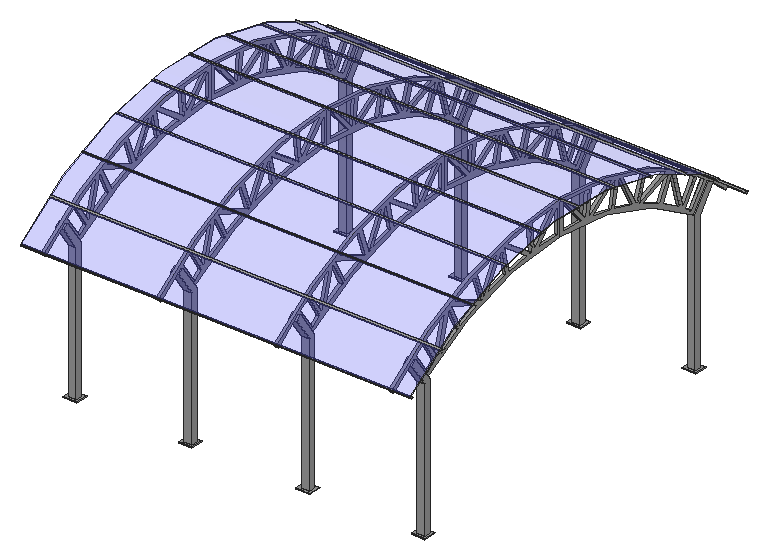
Revit family "Навес Workout Арт 12269", category Антураж, Revit 2018
Family settings
  На основе рабочей плоскости = Нет
  Всегда вертикально = Да
  При загрузке вырезать с полостями = Нет
  Источник визуального образа = Геометрия семейства
  Общий = Нет
  Точка расчета площади = Нет
Parameters (values of type "Навес Workout. Стандарт")
  Ширина = 6870 mm  # constant formula
  Цвет фермы = Ферма
  Цвет опор = Опоры
  Цвет крыши = Стекло
  Описание = "Навес Workout. Стандарт"  # constant formula
  Материал изделия = "Сталь, поликарбонат"  # constant formula
  Изображение типоразмера = Навес Workout Арт 12269.jpg
  Изготовитель = "ООО «Хоббика»"  # constant formula
  Длина = 6340 mm  # constant formula
  Группа модели = "Оборудование для воркаута"  # constant formula
  Высота = 3695 mm  # constant formula
  Артикул товара = "Арт. 12269"  # constant formula
  URL = "https://hobbyka.ru/product/naves_workout/"
Reference planes
  plane 1 "По центру (Вперед/Назад)": y = 0
  plane 2: z = 0
  plane 3 "По центру (Влево/Вправо)": x = 0
  plane 4: x = 6340
  plane 5: z = 3695
  plane 6: y = 6870
Forms (mm)
  Extrusion 1, solid, material "Опоры" <- "Цвет опор"
    sketch origin (0, 0, 0) x (0, 1, 0) y (0, 0, 1)
      loop
        line (6233.95, 0) -> (6233.95, 2221.864) -> (6492.525, 2591.147) -> (6412.248, 2650.845) -> (6133.95, 2253.394) -> (6133.95, 0) -> (6233.95, 0)
      loop
        line (636.05, 0) -> (736.05, 0) -> (736.05, 2253.394) -> (459.856, 2647.84) -> (377.941, 2590.483) -> (636.05, 2221.864) -> (636.05, 0)
    from 275 to 400
  Extrusion 2, solid, material "Опоры" <- "Цвет опор"
    sketch origin (0, 0, 0) x (0, 1, 0) y (0, 0, 1)
      loop
        line (6233.95, 0) -> (6233.95, 2221.864) -> (6492.059, 2590.483) -> (6410.144, 2647.84) -> (6133.95, 2253.394) -> (6133.95, 0) -> (6233.95, 0)
      loop
        line (636.05, 0) -> (736.05, 0) -> (736.05, 2253.394) -> (459.856, 2647.84) -> (377.941, 2590.483) -> (636.05, 2221.864) -> (636.05, 0)
    from 2150 to 2275
  Extrusion 3, solid, material "Опоры" <- "Цвет опор"
    sketch origin (0, 0, 0) x (0, 1, 0) y (0, 0, 1)
      loop
        line (6233.95, 0) -> (6233.95, 2221.864) -> (6492.059, 2590.483) -> (6410.144, 2647.84) -> (6133.95, 2253.394) -> (6133.95, 0) -> (6233.95, 0)
      loop
        line (636.05, 0) -> (736.05, 0) -> (736.05, 2253.394) -> (459.856, 2647.84) -> (377.941, 2590.483) -> (636.05, 2221.864) -> (636.05, 0)
    from 4065 to 4190
  Extrusion 4, solid, material "Опоры" <- "Цвет опор"
    sketch origin (0, 0, 0) x (0, 1, 0) y (0, 0, 1)
      loop
        line (6233.95, 0) -> (6233.95, 2221.864) -> (6492.059, 2590.483) -> (6410.144, 2647.84) -> (6133.95, 2253.394) -> (6133.95, 0) -> (6233.95, 0)
      loop
        line (636.05, 0) -> (736.05, 0) -> (736.05, 2253.394) -> (459.856, 2647.84) -> (377.941, 2590.483) -> (636.05, 2221.864) -> (636.05, 0)
    from 5940 to 6065
  Extrusion 5, solid, material "Стекло" <- "Цвет крыши"
    sketch origin (0, 0, 0) x (0, 1, 0) y (0, 0, 1)
      loop
        arc (6870, 2395) -> (3435, 3695.025) -> (0, 2395) r 5188.088
        line (0, 2395) -> (7.085, 2387.915)
        arc (7.085, 2387.915) -> (3435, 3685.025) -> (6862.915, 2387.915) r 5178.088
        line (6862.915, 2387.915) -> (6870, 2395)
    from 0 to 6340
  Extrusion 6, solid, material "Ферма" <- "Цвет фермы"
    sketch origin (0, 0, 0) x (0, 1, 0) y (0, 0, 1)
      loop
        line (3422.5, 3685.01) -> (3422.5, 3660.01)
        arc (3422.5, 3660.01) -> (3435, 3660.025) -> (3447.5, 3660.01) r 5153.088
        line (3447.5, 3660.01) -> (3447.5, 3685.01)
        arc (3447.5, 3685.01) -> (3435, 3685.025) -> (3422.5, 3685.01) r 5178.088
    from 0 to 6340
  Extrusion 7, solid, material "Ферма" <- "Цвет фермы"
    sketch origin (0, -130.725, -2639.391) x (0, 0.751096, 0.660193) y (0, -0.660193, 0.751096)
      loop
        line (3422.5, 3685.01) -> (3422.5, 3660.01)
        arc (3422.5, 3660.01) -> (3435, 3660.025) -> (3447.5, 3660.01) r 5153.088
        line (3447.5, 3660.01) -> (3447.5, 3685.01)
        arc (3447.5, 3685.01) -> (3435, 3685.025) -> (3422.5, 3685.01) r 5178.088
    from 0 to 6340
  Extrusion 8, solid, material "Ферма" <- "Цвет фермы"
    sketch origin (0, -178.918, -509.163) x (0, 0.989619, 0.143716) y (0, -0.143716, 0.989619)
      loop
        line (3422.5, 3685.01) -> (3422.5, 3660.01)
        arc (3422.5, 3660.01) -> (3435, 3660.025) -> (3447.5, 3660.01) r 5153.088
        line (3447.5, 3660.01) -> (3447.5, 3685.01)
        arc (3447.5, 3685.01) -> (3435, 3685.025) -> (3422.5, 3685.01) r 5178.088
    from 0 to 6340
  Extrusion 9, solid, material "Ферма" <- "Цвет фермы"
    sketch origin (0, -282.804, -1038.754) x (0, 0.958692, 0.284448) y (0, -0.284448, 0.958692)
      loop
        line (3422.5, 3685.01) -> (3422.5, 3660.01)
        arc (3422.5, 3660.01) -> (3435, 3660.025) -> (3447.5, 3660.01) r 5153.088
        line (3447.5, 3660.01) -> (3447.5, 3685.01)
        arc (3447.5, 3685.01) -> (3435, 3685.025) -> (3422.5, 3685.01) r 5178.088
    from 0 to 6340
  Extrusion 10, solid, material "Ферма" <- "Цвет фермы"
    sketch origin (0, -309.501, -1577.777) x (0, 0.90786, 0.419274) y (0, -0.419274, 0.90786)
      loop
        line (3422.5, 3685.01) -> (3422.5, 3660.01)
        arc (3422.5, 3660.01) -> (3435, 3660.025) -> (3447.5, 3660.01) r 5153.088
        line (3447.5, 3660.01) -> (3447.5, 3685.01)
        arc (3447.5, 3685.01) -> (3435, 3685.025) -> (3422.5, 3685.01) r 5178.088
    from 0 to 6340
  Extrusion 11, solid, material "Ферма" <- "Цвет фермы"
    sketch origin (0, -258.455, -2115.041) x (0, 0.838179, 0.545395) y (0, -0.545395, 0.838179)
      loop
        line (3422.5, 3685.01) -> (3422.5, 3660.01)
        arc (3422.5, 3660.01) -> (3435, 3660.025) -> (3447.5, 3660.01) r 5153.088
        line (3447.5, 3660.01) -> (3447.5, 3685.01)
        arc (3447.5, 3685.01) -> (3435, 3685.025) -> (3422.5, 3685.01) r 5178.088
    from 0 to 6340
  Extrusion 12, solid, material "Ферма" <- "Цвет фермы"
    sketch origin (0, 7000.725, -2639.391) x (0, -0.751096, 0.660193) y (0, -0.660193, -0.751096)
      loop
        arc (3422.5, -3685.01) -> (3435, -3685.025) -> (3447.5, -3685.01) r 5178.088
        line (3447.5, -3685.01) -> (3447.5, -3660.01)
        arc (3447.5, -3660.01) -> (3435, -3660.025) -> (3422.5, -3660.01) r 5153.088
        line (3422.5, -3660.01) -> (3422.5, -3685.01)
    from 0 to 6340
  Extrusion 13, solid, material "Ферма" <- "Цвет фермы"
    sketch origin (0, 7048.918, -509.163) x (0, -0.989619, 0.143716) y (0, -0.143716, -0.989619)
      loop
        arc (3422.5, -3685.01) -> (3435, -3685.025) -> (3447.5, -3685.01) r 5178.088
        line (3447.5, -3685.01) -> (3447.5, -3660.01)
        arc (3447.5, -3660.01) -> (3435, -3660.025) -> (3422.5, -3660.01) r 5153.088
        line (3422.5, -3660.01) -> (3422.5, -3685.01)
    from 0 to 6340
  Extrusion 14, solid, material "Ферма" <- "Цвет фермы"
    sketch origin (0, 7152.804, -1038.754) x (0, -0.958692, 0.284448) y (0, -0.284448, -0.958692)
      loop
        arc (3422.5, -3685.01) -> (3435, -3685.025) -> (3447.5, -3685.01) r 5178.088
        line (3447.5, -3685.01) -> (3447.5, -3660.01)
        arc (3447.5, -3660.01) -> (3435, -3660.025) -> (3422.5, -3660.01) r 5153.088
        line (3422.5, -3660.01) -> (3422.5, -3685.01)
    from 0 to 6340
  Extrusion 15, solid, material "Ферма" <- "Цвет фермы"
    sketch origin (0, 7179.501, -1577.777) x (0, -0.90786, 0.419274) y (0, -0.419274, -0.90786)
      loop
        arc (3422.5, -3685.01) -> (3435, -3685.025) -> (3447.5, -3685.01) r 5178.088
        line (3447.5, -3685.01) -> (3447.5, -3660.01)
        arc (3447.5, -3660.01) -> (3435, -3660.025) -> (3422.5, -3660.01) r 5153.088
        line (3422.5, -3660.01) -> (3422.5, -3685.01)
    from 0 to 6340
  Extrusion 16, solid, material "Ферма" <- "Цвет фермы"
    sketch origin (0, 7128.455, -2115.041) x (0, -0.838179, 0.545395) y (0, -0.545395, -0.838179)
      loop
        arc (3422.5, -3685.01) -> (3435, -3685.025) -> (3447.5, -3685.01) r 5178.088
        line (3447.5, -3685.01) -> (3447.5, -3660.01)
        arc (3447.5, -3660.01) -> (3435, -3660.025) -> (3422.5, -3660.01) r 5153.088
        line (3422.5, -3660.01) -> (3422.5, -3685.01)
    from 0 to 6340
  Extrusion 17, solid, material "Ферма" <- "Цвет фермы"
    sketch origin (0, 0, 0) x (0, 1, 0) y (0, 0, 1)
      loop
        line (3435, 3660.025) -> (3435, 3130.025)
        arc (3435, 3130.025) -> (4853.874, 2905.373) -> (6133.95, 2253.394) r 4593.046
        line (6133.95, 2253.394) -> (6412.559, 2651.289)
        arc (6412.559, 2651.289) -> (6615.715, 2497.496) -> (6810.941, 2333.754) r 5103.088
        line (6810.941, 2333.754) -> (6846.365, 2369.178)
        arc (6846.365, 2369.178) -> (5258.712, 3326.521) -> (3435, 3660.025) r 5153.088
      loop
        line (3558.239, 3608.537) -> (3960.608, 3150.179) -> (4009.307, 3577.606)
        arc (4009.307, 3577.606) -> (3784.116, 3598.069) -> (3558.239, 3608.537) r 5103.088
      loop
        line (3485, 3609.78) -> (3485, 3179.756)
        arc (3485, 3179.756) -> (3686.205, 3173.225) -> (3886.938, 3157.978) r 4643.046
        line (3886.938, 3157.978) -> (3485, 3609.78)
      loop
        line (6122.01, 2323.515) -> (6371.809, 2680.264)
        arc (6371.809, 2680.264) -> (6289.148, 2737.226) -> (6205.383, 2792.551) r 5103.088
        line (6205.383, 2792.551) -> (5971.732, 2425.792)
        arc (5971.732, 2425.792) -> (6047.372, 2375.389) -> (6122.01, 2323.515) r 4643.046
      loop
        arc (6163.26, 2819.489) -> (5969.148, 2936.339) -> (5770.041, 3044.457) r 5103.088
        line (5770.041, 3044.457) -> (5929.707, 2452.884) -> (6163.26, 2819.489)
      loop
        line (5660.203, 3099.32) -> (5100.662, 2870.966)
        arc (5100.662, 2870.966) -> (5287.267, 2794.559) -> (5470.378, 2710.121) r 4643.046
        line (5470.378, 2710.121) -> (5660.203, 3099.32)
      loop
        arc (5128.99, 3320.658) -> (4913.935, 3391.019) -> (4695.973, 3451.778) r 5103.088
        line (4695.973, 3451.778) -> (4984.881, 2913.707) -> (5128.99, 3320.658)
      loop
        line (4576.359, 3480.749) -> (4090.144, 3133.572)
        arc (4090.144, 3133.572) -> (4285.575, 3101.45) -> (4479.458, 3061.024) r 4643.046
        line (4479.458, 3061.024) -> (4576.359, 3480.749)
      loop
        line (4058.962, 3571.735) -> (4010.256, 3144.251) -> (4510.472, 3495.41)
        arc (4510.472, 3495.41) -> (4285.573, 3538.64) -> (4058.962, 3571.735) r 5103.088
      loop
        line (4625.038, 3469.327) -> (4528.116, 3049.514)
        arc (4528.116, 3049.514) -> (4722.727, 2997.88) -> (4914.917, 2937.857) r 4643.046
        line (4914.917, 2937.857) -> (4625.038, 3469.327)
      loop
        line (5176.073, 3303.829) -> (5031.923, 2896.763) -> (5594.383, 3130.634)
        arc (5594.383, 3130.634) -> (5387.149, 3221.873) -> (5176.073, 3303.829) r 5103.088
      loop
        line (5705.091, 3077.297) -> (5515.199, 2687.961)
        arc (5515.199, 2687.961) -> (5693.529, 2593.692) -> (5867.596, 2491.768) r 4643.046
        line (5867.596, 2491.768) -> (5705.091, 3077.297)
    from 312.5 to 362.5
  Extrusion 18, solid, material "Ферма" <- "Цвет фермы"
    sketch origin (0, 0, 0) x (0, 1, 0) y (0, 0, 1)
      loop
        line (3435, 3660.025) -> (3435, 3130.025)
        arc (3435, 3130.025) -> (4853.874, 2905.373) -> (6133.95, 2253.394) r 4593.046
        line (6133.95, 2253.394) -> (6412.559, 2651.289)
        arc (6412.559, 2651.289) -> (6615.715, 2497.496) -> (6810.941, 2333.754) r 5103.088
        line (6810.941, 2333.754) -> (6846.365, 2369.178)
        arc (6846.365, 2369.178) -> (5258.712, 3326.521) -> (3435, 3660.025) r 5153.088
      loop
        line (3558.239, 3608.537) -> (3960.608, 3150.179) -> (4009.307, 3577.606)
        arc (4009.307, 3577.606) -> (3784.116, 3598.069) -> (3558.239, 3608.537) r 5103.088
      loop
        line (3485, 3609.78) -> (3485, 3179.756)
        arc (3485, 3179.756) -> (3686.205, 3173.225) -> (3886.938, 3157.978) r 4643.046
        line (3886.938, 3157.978) -> (3485, 3609.78)
      loop
        line (6122.01, 2323.515) -> (6371.809, 2680.264)
        arc (6371.809, 2680.264) -> (6289.148, 2737.226) -> (6205.383, 2792.551) r 5103.088
        line (6205.383, 2792.551) -> (5971.732, 2425.792)
        arc (5971.732, 2425.792) -> (6047.372, 2375.389) -> (6122.01, 2323.515) r 4643.046
      loop
        arc (6163.26, 2819.489) -> (5969.148, 2936.339) -> (5770.041, 3044.457) r 5103.088
        line (5770.041, 3044.457) -> (5929.707, 2452.884) -> (6163.26, 2819.489)
      loop
        line (5660.203, 3099.32) -> (5100.662, 2870.966)
        arc (5100.662, 2870.966) -> (5287.267, 2794.559) -> (5470.378, 2710.121) r 4643.046
        line (5470.378, 2710.121) -> (5660.203, 3099.32)
      loop
        arc (5128.99, 3320.658) -> (4913.935, 3391.019) -> (4695.973, 3451.778) r 5103.088
        line (4695.973, 3451.778) -> (4984.881, 2913.707) -> (5128.99, 3320.658)
      loop
        line (4576.359, 3480.749) -> (4090.144, 3133.572)
        arc (4090.144, 3133.572) -> (4285.575, 3101.45) -> (4479.458, 3061.024) r 4643.046
        line (4479.458, 3061.024) -> (4576.359, 3480.749)
      loop
        line (4058.962, 3571.735) -> (4010.256, 3144.251) -> (4510.472, 3495.41)
        arc (4510.472, 3495.41) -> (4285.573, 3538.64) -> (4058.962, 3571.735) r 5103.088
      loop
        line (4625.038, 3469.327) -> (4528.116, 3049.514)
        arc (4528.116, 3049.514) -> (4722.727, 2997.88) -> (4914.917, 2937.857) r 4643.046
        line (4914.917, 2937.857) -> (4625.038, 3469.327)
      loop
        line (5176.073, 3303.829) -> (5031.923, 2896.763) -> (5594.383, 3130.634)
        arc (5594.383, 3130.634) -> (5387.149, 3221.873) -> (5176.073, 3303.829) r 5103.088
      loop
        line (5705.091, 3077.297) -> (5515.199, 2687.961)
        arc (5515.199, 2687.961) -> (5693.529, 2593.692) -> (5867.596, 2491.768) r 4643.046
        line (5867.596, 2491.768) -> (5705.091, 3077.297)
    from 2187.5 to 2237.5
  Extrusion 19, solid, material "Ферма" <- "Цвет фермы"
    sketch origin (0, 0, 0) x (0, 1, 0) y (0, 0, 1)
      loop
        line (3435, 3660.025) -> (3435, 3130.025)
        arc (3435, 3130.025) -> (4853.874, 2905.373) -> (6133.95, 2253.394) r 4593.046
        line (6133.95, 2253.394) -> (6412.559, 2651.289)
        arc (6412.559, 2651.289) -> (6615.715, 2497.496) -> (6810.941, 2333.754) r 5103.088
        line (6810.941, 2333.754) -> (6846.365, 2369.178)
        arc (6846.365, 2369.178) -> (5258.712, 3326.521) -> (3435, 3660.025) r 5153.088
      loop
        line (3558.239, 3608.537) -> (3960.608, 3150.179) -> (4009.307, 3577.606)
        arc (4009.307, 3577.606) -> (3784.116, 3598.069) -> (3558.239, 3608.537) r 5103.088
      loop
        line (3485, 3609.78) -> (3485, 3179.756)
        arc (3485, 3179.756) -> (3686.205, 3173.225) -> (3886.938, 3157.978) r 4643.046
        line (3886.938, 3157.978) -> (3485, 3609.78)
      loop
        line (6122.01, 2323.515) -> (6371.809, 2680.264)
        arc (6371.809, 2680.264) -> (6289.148, 2737.226) -> (6205.383, 2792.551) r 5103.088
        line (6205.383, 2792.551) -> (5971.732, 2425.792)
        arc (5971.732, 2425.792) -> (6047.372, 2375.389) -> (6122.01, 2323.515) r 4643.046
      loop
        arc (6163.26, 2819.489) -> (5969.148, 2936.339) -> (5770.041, 3044.457) r 5103.088
        line (5770.041, 3044.457) -> (5929.707, 2452.884) -> (6163.26, 2819.489)
      loop
        line (5660.203, 3099.32) -> (5100.662, 2870.966)
        arc (5100.662, 2870.966) -> (5287.267, 2794.559) -> (5470.378, 2710.121) r 4643.046
        line (5470.378, 2710.121) -> (5660.203, 3099.32)
      loop
        arc (5128.99, 3320.658) -> (4913.935, 3391.019) -> (4695.973, 3451.778) r 5103.088
        line (4695.973, 3451.778) -> (4984.881, 2913.707) -> (5128.99, 3320.658)
      loop
        line (4576.359, 3480.749) -> (4090.144, 3133.572)
        arc (4090.144, 3133.572) -> (4285.575, 3101.45) -> (4479.458, 3061.024) r 4643.046
        line (4479.458, 3061.024) -> (4576.359, 3480.749)
      loop
        line (4058.962, 3571.735) -> (4010.256, 3144.251) -> (4510.472, 3495.41)
        arc (4510.472, 3495.41) -> (4285.573, 3538.64) -> (4058.962, 3571.735) r 5103.088
      loop
        line (4625.038, 3469.327) -> (4528.116, 3049.514)
        arc (4528.116, 3049.514) -> (4722.727, 2997.88) -> (4914.917, 2937.857) r 4643.046
        line (4914.917, 2937.857) -> (4625.038, 3469.327)
      loop
        line (5176.073, 3303.829) -> (5031.923, 2896.763) -> (5594.383, 3130.634)
        arc (5594.383, 3130.634) -> (5387.149, 3221.873) -> (5176.073, 3303.829) r 5103.088
      loop
        line (5705.091, 3077.297) -> (5515.199, 2687.961)
        arc (5515.199, 2687.961) -> (5693.529, 2593.692) -> (5867.596, 2491.768) r 4643.046
        line (5867.596, 2491.768) -> (5705.091, 3077.297)
    from 4102.5 to 4152.5
  Extrusion 20, solid, material "Ферма" <- "Цвет фермы"
    sketch origin (0, 0, 0) x (0, 1, 0) y (0, 0, 1)
      loop
        line (3435, 3660.025) -> (3435, 3130.025)
        arc (3435, 3130.025) -> (4853.874, 2905.373) -> (6133.95, 2253.394) r 4593.046
        line (6133.95, 2253.394) -> (6412.559, 2651.289)
        arc (6412.559, 2651.289) -> (6615.715, 2497.496) -> (6810.941, 2333.754) r 5103.088
        line (6810.941, 2333.754) -> (6846.365, 2369.178)
        arc (6846.365, 2369.178) -> (5258.712, 3326.521) -> (3435, 3660.025) r 5153.088
      loop
        line (3558.239, 3608.537) -> (3960.608, 3150.179) -> (4009.307, 3577.606)
        arc (4009.307, 3577.606) -> (3784.116, 3598.069) -> (3558.239, 3608.537) r 5103.088
      loop
        line (3485, 3609.78) -> (3485, 3179.756)
        arc (3485, 3179.756) -> (3686.205, 3173.225) -> (3886.938, 3157.978) r 4643.046
        line (3886.938, 3157.978) -> (3485, 3609.78)
      loop
        line (6122.01, 2323.515) -> (6371.809, 2680.264)
        arc (6371.809, 2680.264) -> (6289.148, 2737.226) -> (6205.383, 2792.551) r 5103.088
        line (6205.383, 2792.551) -> (5971.732, 2425.792)
        arc (5971.732, 2425.792) -> (6047.372, 2375.389) -> (6122.01, 2323.515) r 4643.046
      loop
        arc (6163.26, 2819.489) -> (5969.148, 2936.339) -> (5770.041, 3044.457) r 5103.088
        line (5770.041, 3044.457) -> (5929.707, 2452.884) -> (6163.26, 2819.489)
      loop
        line (5660.203, 3099.32) -> (5100.662, 2870.966)
        arc (5100.662, 2870.966) -> (5287.267, 2794.559) -> (5470.378, 2710.121) r 4643.046
        line (5470.378, 2710.121) -> (5660.203, 3099.32)
      loop
        arc (5128.99, 3320.658) -> (4913.935, 3391.019) -> (4695.973, 3451.778) r 5103.088
        line (4695.973, 3451.778) -> (4984.881, 2913.707) -> (5128.99, 3320.658)
      loop
        line (4576.359, 3480.749) -> (4090.144, 3133.572)
        arc (4090.144, 3133.572) -> (4285.575, 3101.45) -> (4479.458, 3061.024) r 4643.046
        line (4479.458, 3061.024) -> (4576.359, 3480.749)
      loop
        line (4058.962, 3571.735) -> (4010.256, 3144.251) -> (4510.472, 3495.41)
        arc (4510.472, 3495.41) -> (4285.573, 3538.64) -> (4058.962, 3571.735) r 5103.088
      loop
        line (4625.038, 3469.327) -> (4528.116, 3049.514)
        arc (4528.116, 3049.514) -> (4722.727, 2997.88) -> (4914.917, 2937.857) r 4643.046
        line (4914.917, 2937.857) -> (4625.038, 3469.327)
      loop
        line (5176.073, 3303.829) -> (5031.923, 2896.763) -> (5594.383, 3130.634)
        arc (5594.383, 3130.634) -> (5387.149, 3221.873) -> (5176.073, 3303.829) r 5103.088
      loop
        line (5705.091, 3077.297) -> (5515.199, 2687.961)
        arc (5515.199, 2687.961) -> (5693.529, 2593.692) -> (5867.596, 2491.768) r 4643.046
        line (5867.596, 2491.768) -> (5705.091, 3077.297)
    from 5977.5 to 6027.5
  Extrusion 21, solid, material "Ферма" <- "Цвет фермы"
    sketch origin (0, 6870, 0) x (0, -1, 0) y (0, 0, -1)
      loop
        arc (3435, -3660.025) -> (5258.712, -3326.521) -> (6846.365, -2369.178) r 5153.088
        line (6846.365, -2369.178) -> (6810.941, -2333.754)
        arc (6810.941, -2333.754) -> (6615.715, -2497.496) -> (6412.559, -2651.289) r 5103.088
        line (6412.559, -2651.289) -> (6133.95, -2253.394)
        arc (6133.95, -2253.394) -> (4853.874, -2905.373) -> (3435, -3130.025) r 4593.046
        line (3435, -3130.025) -> (3435, -3660.025)
      loop
        arc (3558.239, -3608.537) -> (3784.116, -3598.069) -> (4009.307, -3577.606) r 5103.088
        line (4009.307, -3577.606) -> (3960.608, -3150.179) -> (3558.239, -3608.537)
      loop
        line (3485, -3609.78) -> (3886.938, -3157.978)
        arc (3886.938, -3157.978) -> (3686.205, -3173.225) -> (3485, -3179.756) r 4643.046
        line (3485, -3179.756) -> (3485, -3609.78)
      loop
        arc (6122.01, -2323.515) -> (6047.372, -2375.389) -> (5971.732, -2425.792) r 4643.046
        line (5971.732, -2425.792) -> (6205.383, -2792.551)
        arc (6205.383, -2792.551) -> (6289.148, -2737.226) -> (6371.809, -2680.264) r 5103.088
        line (6371.809, -2680.264) -> (6122.01, -2323.515)
      loop
        line (6163.26, -2819.489) -> (5929.707, -2452.884) -> (5770.041, -3044.457)
        arc (5770.041, -3044.457) -> (5969.148, -2936.339) -> (6163.26, -2819.489) r 5103.088
      loop
        line (5660.203, -3099.32) -> (5470.378, -2710.121)
        arc (5470.378, -2710.121) -> (5287.267, -2794.559) -> (5100.662, -2870.966) r 4643.046
        line (5100.662, -2870.966) -> (5660.203, -3099.32)
      loop
        line (5128.99, -3320.658) -> (4984.881, -2913.707) -> (4695.973, -3451.778)
        arc (4695.973, -3451.778) -> (4913.935, -3391.019) -> (5128.99, -3320.658) r 5103.088
      loop
        line (4576.359, -3480.749) -> (4479.458, -3061.024)
        arc (4479.458, -3061.024) -> (4285.575, -3101.45) -> (4090.144, -3133.572) r 4643.046
        line (4090.144, -3133.572) -> (4576.359, -3480.749)
      loop
        arc (4058.962, -3571.735) -> (4285.573, -3538.64) -> (4510.472, -3495.41) r 5103.088
        line (4510.472, -3495.41) -> (4010.256, -3144.251) -> (4058.962, -3571.735)
      loop
        line (4625.038, -3469.327) -> (4914.917, -2937.857)
        arc (4914.917, -2937.857) -> (4722.727, -2997.88) -> (4528.116, -3049.514) r 4643.046
        line (4528.116, -3049.514) -> (4625.038, -3469.327)
      loop
        arc (5176.073, -3303.829) -> (5387.149, -3221.873) -> (5594.383, -3130.634) r 5103.088
        line (5594.383, -3130.634) -> (5031.923, -2896.763) -> (5176.073, -3303.829)
      loop
        line (5705.091, -3077.297) -> (5867.596, -2491.768)
        arc (5867.596, -2491.768) -> (5693.529, -2593.692) -> (5515.199, -2687.961) r 4643.046
        line (5515.199, -2687.961) -> (5705.091, -3077.297)
    from 312.5 to 362.5
  Extrusion 22, solid, material "Ферма" <- "Цвет фермы"
    sketch origin (0, 6870, 0) x (0, -1, 0) y (0, 0, -1)
      loop
        arc (3435, -3660.025) -> (5258.712, -3326.521) -> (6846.365, -2369.178) r 5153.088
        line (6846.365, -2369.178) -> (6810.941, -2333.754)
        arc (6810.941, -2333.754) -> (6615.715, -2497.496) -> (6412.559, -2651.289) r 5103.088
        line (6412.559, -2651.289) -> (6133.95, -2253.394)
        arc (6133.95, -2253.394) -> (4853.874, -2905.373) -> (3435, -3130.025) r 4593.046
        line (3435, -3130.025) -> (3435, -3660.025)
      loop
        arc (3558.239, -3608.537) -> (3784.116, -3598.069) -> (4009.307, -3577.606) r 5103.088
        line (4009.307, -3577.606) -> (3960.608, -3150.179) -> (3558.239, -3608.537)
      loop
        line (3485, -3609.78) -> (3886.938, -3157.978)
        arc (3886.938, -3157.978) -> (3686.205, -3173.225) -> (3485, -3179.756) r 4643.046
        line (3485, -3179.756) -> (3485, -3609.78)
      loop
        arc (6122.01, -2323.515) -> (6047.372, -2375.389) -> (5971.732, -2425.792) r 4643.046
        line (5971.732, -2425.792) -> (6205.383, -2792.551)
        arc (6205.383, -2792.551) -> (6289.148, -2737.226) -> (6371.809, -2680.264) r 5103.088
        line (6371.809, -2680.264) -> (6122.01, -2323.515)
      loop
        line (6163.26, -2819.489) -> (5929.707, -2452.884) -> (5770.041, -3044.457)
        arc (5770.041, -3044.457) -> (5969.148, -2936.339) -> (6163.26, -2819.489) r 5103.088
      loop
        line (5660.203, -3099.32) -> (5470.378, -2710.121)
        arc (5470.378, -2710.121) -> (5287.267, -2794.559) -> (5100.662, -2870.966) r 4643.046
        line (5100.662, -2870.966) -> (5660.203, -3099.32)
      loop
        line (5128.99, -3320.658) -> (4984.881, -2913.707) -> (4695.973, -3451.778)
        arc (4695.973, -3451.778) -> (4913.935, -3391.019) -> (5128.99, -3320.658) r 5103.088
      loop
        line (4576.359, -3480.749) -> (4479.458, -3061.024)
        arc (4479.458, -3061.024) -> (4285.575, -3101.45) -> (4090.144, -3133.572) r 4643.046
        line (4090.144, -3133.572) -> (4576.359, -3480.749)
      loop
        arc (4058.962, -3571.735) -> (4285.573, -3538.64) -> (4510.472, -3495.41) r 5103.088
        line (4510.472, -3495.41) -> (4010.256, -3144.251) -> (4058.962, -3571.735)
      loop
        line (4625.038, -3469.327) -> (4914.917, -2937.857)
        arc (4914.917, -2937.857) -> (4722.727, -2997.88) -> (4528.116, -3049.514) r 4643.046
        line (4528.116, -3049.514) -> (4625.038, -3469.327)
      loop
        arc (5176.073, -3303.829) -> (5387.149, -3221.873) -> (5594.383, -3130.634) r 5103.088
        line (5594.383, -3130.634) -> (5031.923, -2896.763) -> (5176.073, -3303.829)
      loop
        line (5705.091, -3077.297) -> (5867.596, -2491.768)
        arc (5867.596, -2491.768) -> (5693.529, -2593.692) -> (5515.199, -2687.961) r 4643.046
        line (5515.199, -2687.961) -> (5705.091, -3077.297)
    from 2187.5 to 2237.5
  Extrusion 23, solid, material "Ферма" <- "Цвет фермы"
    sketch origin (0, 6870, 0) x (0, -1, 0) y (0, 0, -1)
      loop
        arc (3435, -3660.025) -> (5258.712, -3326.521) -> (6846.365, -2369.178) r 5153.088
        line (6846.365, -2369.178) -> (6810.941, -2333.754)
        arc (6810.941, -2333.754) -> (6615.715, -2497.496) -> (6412.559, -2651.289) r 5103.088
        line (6412.559, -2651.289) -> (6133.95, -2253.394)
        arc (6133.95, -2253.394) -> (4853.874, -2905.373) -> (3435, -3130.025) r 4593.046
        line (3435, -3130.025) -> (3435, -3660.025)
      loop
        arc (3558.239, -3608.537) -> (3784.116, -3598.069) -> (4009.307, -3577.606) r 5103.088
        line (4009.307, -3577.606) -> (3960.608, -3150.179) -> (3558.239, -3608.537)
      loop
        line (3485, -3609.78) -> (3886.938, -3157.978)
        arc (3886.938, -3157.978) -> (3686.205, -3173.225) -> (3485, -3179.756) r 4643.046
        line (3485, -3179.756) -> (3485, -3609.78)
      loop
        arc (6122.01, -2323.515) -> (6047.372, -2375.389) -> (5971.732, -2425.792) r 4643.046
        line (5971.732, -2425.792) -> (6205.383, -2792.551)
        arc (6205.383, -2792.551) -> (6289.148, -2737.226) -> (6371.809, -2680.264) r 5103.088
        line (6371.809, -2680.264) -> (6122.01, -2323.515)
      loop
        line (6163.26, -2819.489) -> (5929.707, -2452.884) -> (5770.041, -3044.457)
        arc (5770.041, -3044.457) -> (5969.148, -2936.339) -> (6163.26, -2819.489) r 5103.088
      loop
        line (5660.203, -3099.32) -> (5470.378, -2710.121)
        arc (5470.378, -2710.121) -> (5287.267, -2794.559) -> (5100.662, -2870.966) r 4643.046
        line (5100.662, -2870.966) -> (5660.203, -3099.32)
      loop
        line (5128.99, -3320.658) -> (4984.881, -2913.707) -> (4695.973, -3451.778)
        arc (4695.973, -3451.778) -> (4913.935, -3391.019) -> (5128.99, -3320.658) r 5103.088
      loop
        line (4576.359, -3480.749) -> (4479.458, -3061.024)
        arc (4479.458, -3061.024) -> (4285.575, -3101.45) -> (4090.144, -3133.572) r 4643.046
        line (4090.144, -3133.572) -> (4576.359, -3480.749)
      loop
        arc (4058.962, -3571.735) -> (4285.573, -3538.64) -> (4510.472, -3495.41) r 5103.088
        line (4510.472, -3495.41) -> (4010.256, -3144.251) -> (4058.962, -3571.735)
      loop
        line (4625.038, -3469.327) -> (4914.917, -2937.857)
        arc (4914.917, -2937.857) -> (4722.727, -2997.88) -> (4528.116, -3049.514) r 4643.046
        line (4528.116, -3049.514) -> (4625.038, -3469.327)
      loop
        arc (5176.073, -3303.829) -> (5387.149, -3221.873) -> (5594.383, -3130.634) r 5103.088
        line (5594.383, -3130.634) -> (5031.923, -2896.763) -> (5176.073, -3303.829)
      loop
        line (5705.091, -3077.297) -> (5867.596, -2491.768)
        arc (5867.596, -2491.768) -> (5693.529, -2593.692) -> (5515.199, -2687.961) r 4643.046
        line (5515.199, -2687.961) -> (5705.091, -3077.297)
    from 4102.5 to 4152.5
  Extrusion 24, solid, material "Ферма" <- "Цвет фермы"
    sketch origin (0, 6870, 0) x (0, -1, 0) y (0, 0, -1)
      loop
        arc (3435, -3660.025) -> (5258.712, -3326.521) -> (6846.365, -2369.178) r 5153.088
        line (6846.365, -2369.178) -> (6810.941, -2333.754)
        arc (6810.941, -2333.754) -> (6615.715, -2497.496) -> (6412.559, -2651.289) r 5103.088
        line (6412.559, -2651.289) -> (6133.95, -2253.394)
        arc (6133.95, -2253.394) -> (4853.874, -2905.373) -> (3435, -3130.025) r 4593.046
        line (3435, -3130.025) -> (3435, -3660.025)
      loop
        arc (3558.239, -3608.537) -> (3784.116, -3598.069) -> (4009.307, -3577.606) r 5103.088
        line (4009.307, -3577.606) -> (3960.608, -3150.179) -> (3558.239, -3608.537)
      loop
        line (3485, -3609.78) -> (3886.938, -3157.978)
        arc (3886.938, -3157.978) -> (3686.205, -3173.225) -> (3485, -3179.756) r 4643.046
        line (3485, -3179.756) -> (3485, -3609.78)
      loop
        arc (6122.01, -2323.515) -> (6047.372, -2375.389) -> (5971.732, -2425.792) r 4643.046
        line (5971.732, -2425.792) -> (6205.383, -2792.551)
        arc (6205.383, -2792.551) -> (6289.148, -2737.226) -> (6371.809, -2680.264) r 5103.088
        line (6371.809, -2680.264) -> (6122.01, -2323.515)
      loop
        line (6163.26, -2819.489) -> (5929.707, -2452.884) -> (5770.041, -3044.457)
        arc (5770.041, -3044.457) -> (5969.148, -2936.339) -> (6163.26, -2819.489) r 5103.088
      loop
        line (5660.203, -3099.32) -> (5470.378, -2710.121)
        arc (5470.378, -2710.121) -> (5287.267, -2794.559) -> (5100.662, -2870.966) r 4643.046
        line (5100.662, -2870.966) -> (5660.203, -3099.32)
      loop
        line (5128.99, -3320.658) -> (4984.881, -2913.707) -> (4695.973, -3451.778)
        arc (4695.973, -3451.778) -> (4913.935, -3391.019) -> (5128.99, -3320.658) r 5103.088
      loop
        line (4576.359, -3480.749) -> (4479.458, -3061.024)
        arc (4479.458, -3061.024) -> (4285.575, -3101.45) -> (4090.144, -3133.572) r 4643.046
        line (4090.144, -3133.572) -> (4576.359, -3480.749)
      loop
        arc (4058.962, -3571.735) -> (4285.573, -3538.64) -> (4510.472, -3495.41) r 5103.088
        line (4510.472, -3495.41) -> (4010.256, -3144.251) -> (4058.962, -3571.735)
      loop
        line (4625.038, -3469.327) -> (4914.917, -2937.857)
        arc (4914.917, -2937.857) -> (4722.727, -2997.88) -> (4528.116, -3049.514) r 4643.046
        line (4528.116, -3049.514) -> (4625.038, -3469.327)
      loop
        arc (5176.073, -3303.829) -> (5387.149, -3221.873) -> (5594.383, -3130.634) r 5103.088
        line (5594.383, -3130.634) -> (5031.923, -2896.763) -> (5176.073, -3303.829)
      loop
        line (5705.091, -3077.297) -> (5867.596, -2491.768)
        arc (5867.596, -2491.768) -> (5693.529, -2593.692) -> (5515.199, -2687.961) r 4643.046
        line (5515.199, -2687.961) -> (5705.091, -3077.297)
    from 5977.5 to 6027.5
  Extrusion 25, solid, material "Опоры" <- "Цвет опор"
    sketch origin (0, 0, 0) x (1, 0, 0) y (0, 1, 0)
      loop
        line (450, 6083.95) -> (450, 6283.95) -> (225, 6283.95) -> (225, 6083.95) -> (450, 6083.95)
    from 0 to 10
  Extrusion 26, solid, material "Опоры" <- "Цвет опор"
    sketch origin (1875, 0, 0) x (1, 0, 0) y (0, 1, 0)
      loop
        line (450, 6083.95) -> (450, 6283.95) -> (225, 6283.95) -> (225, 6083.95) -> (450, 6083.95)
    from 0 to 10
  Extrusion 27, solid, material "Опоры" <- "Цвет опор"
    sketch origin (3790, 0, 0) x (1, 0, 0) y (0, 1, 0)
      loop
        line (450, 6083.95) -> (450, 6283.95) -> (225, 6283.95) -> (225, 6083.95) -> (450, 6083.95)
    from 0 to 10
  Extrusion 28, solid, material "Опоры" <- "Цвет опор"
    sketch origin (5665, 0, 0) x (1, 0, 0) y (0, 1, 0)
      loop
        line (450, 6083.95) -> (450, 6283.95) -> (225, 6283.95) -> (225, 6083.95) -> (450, 6083.95)
    from 0 to 10
  Extrusion 29, solid, material "Опоры" <- "Цвет опор"
    sketch origin (0, 6870, 0) x (1, 0, 0) y (0, 1, 0)
      loop
        line (450, -6083.95) -> (225, -6083.95) -> (225, -6283.95) -> (450, -6283.95) -> (450, -6083.95)
    from 0 to 10
  Extrusion 30, solid, material "Опоры" <- "Цвет опор"
    sketch origin (1875, 6870, 0) x (1, 0, 0) y (0, 1, 0)
      loop
        line (450, -6083.95) -> (225, -6083.95) -> (225, -6283.95) -> (450, -6283.95) -> (450, -6083.95)
    from 0 to 10
  Extrusion 31, solid, material "Опоры" <- "Цвет опор"
    sketch origin (3790, 6870, 0) x (1, 0, 0) y (0, 1, 0)
      loop
        line (450, -6083.95) -> (225, -6083.95) -> (225, -6283.95) -> (450, -6283.95) -> (450, -6083.95)
    from 0 to 10
  Extrusion 32, solid, material "Опоры" <- "Цвет опор"
    sketch origin (5665, 6870, 0) x (1, 0, 0) y (0, 1, 0)
      loop
        line (450, -6083.95) -> (225, -6083.95) -> (225, -6283.95) -> (450, -6283.95) -> (450, -6083.95)
    from 0 to 10
Dimensions and locks
  "Высота": plane 5 to level
  "Длина": plane 3 "По центру (Влево/Вправо)" to plane 4
  "Ширина": plane 1 "По центру (Вперед/Назад)" to plane 6
  aligned and locked: level to plane 2
Automatic sketch dimensions
  Extrusion 1 sketch curve to plane 1 "По центру (Вперед/Назад)" = 377.941 mm
  Extrusion 1 sketch curve to Extrusion 1 sketch curve = 81.915 mm
  level to Extrusion 1 sketch curve = 0 mm  (x2)
  Extrusion 1 sketch curve to plane 1 "По центру (Вперед/Назад)" = 636.05 mm
  Extrusion 1 sketch curve to Extrusion 1 sketch curve = 100 mm  (x2)
  plane 6 to Extrusion 1 sketch curve = 736.05 mm
  plane 6 to Extrusion 1 sketch curve = 457.752 mm
  Extrusion 1 sketch curve to Extrusion 1 sketch curve = 80.277 mm
  Extrusion 1 sketch curve to plane 5 = 1473.136 mm  (x2)
  Extrusion 1 sketch curve to Extrusion 1 sketch curve = 31.53 mm  (x2)
  Extrusion 1 sketch curve to Extrusion 1 sketch curve = 369.283 mm
  Extrusion 1 sketch curve to Extrusion 1 sketch curve = 59.698 mm
  Extrusion 2 sketch curve to plane 1 "По центру (Вперед/Назад)" = 377.941 mm
  Extrusion 2 sketch curve to Extrusion 2 sketch curve = 81.915 mm  (x2)
  level to Extrusion 2 sketch curve = 0 mm  (x2)
  Extrusion 2 sketch curve to plane 1 "По центру (Вперед/Назад)" = 636.05 mm
  Extrusion 2 sketch curve to Extrusion 2 sketch curve = 100 mm  (x2)
  plane 6 to Extrusion 2 sketch curve = 736.05 mm
  plane 6 to Extrusion 2 sketch curve = 459.856 mm
  Extrusion 2 sketch curve to plane 5 = 1473.136 mm  (x2)
  Extrusion 2 sketch curve to Extrusion 2 sketch curve = 31.53 mm  (x2)
  Extrusion 3 sketch curve to plane 1 "По центру (Вперед/Назад)" = 377.941 mm
  Extrusion 3 sketch curve to Extrusion 3 sketch curve = 81.915 mm  (x2)
  level to Extrusion 3 sketch curve = 0 mm  (x2)
  Extrusion 3 sketch curve to plane 1 "По центру (Вперед/Назад)" = 636.05 mm
  Extrusion 3 sketch curve to Extrusion 3 sketch curve = 100 mm  (x2)
  plane 6 to Extrusion 3 sketch curve = 736.05 mm
  plane 6 to Extrusion 3 sketch curve = 459.856 mm
  Extrusion 3 sketch curve to plane 5 = 1473.136 mm  (x2)
  Extrusion 3 sketch curve to Extrusion 3 sketch curve = 31.53 mm  (x2)
  Extrusion 4 sketch curve to plane 1 "По центру (Вперед/Назад)" = 377.941 mm
  Extrusion 4 sketch curve to Extrusion 4 sketch curve = 81.915 mm  (x2)
  level to Extrusion 4 sketch curve = 0 mm  (x2)
  Extrusion 4 sketch curve to plane 1 "По центру (Вперед/Назад)" = 636.05 mm
  Extrusion 4 sketch curve to Extrusion 4 sketch curve = 100 mm  (x2)
  plane 6 to Extrusion 4 sketch curve = 736.05 mm
  plane 6 to Extrusion 4 sketch curve = 459.856 mm
  Extrusion 4 sketch curve to plane 5 = 1473.136 mm  (x2)
  Extrusion 4 sketch curve to Extrusion 4 sketch curve = 31.53 mm  (x2)
  Extrusion 5 sketch curve to Extrusion 5 sketch curve = 0 mm  (x2)
  Extrusion 5 sketch curve to plane 1 "По центру (Вперед/Назад)" = 0 mm
  Extrusion 5 sketch curve to plane 6 = 0 mm
  Extrusion 5 sketch curve to plane 1 "По центру (Вперед/Назад)" = 7.085 mm
  Extrusion 5 sketch curve to level = 1493.063 mm
  Extrusion 5 sketch curve to plane 1 "По центру (Вперед/Назад)" = 3435 mm
  plane 6 to Extrusion 5 sketch curve = 7.085 mm
  Extrusion 5 sketch curve to plane 5 = 1307.085 mm
  Extrusion 5 sketch curve to Extrusion 5 sketch curve = 7.085 mm
  Extrusion 6 sketch curve to Extrusion 6 sketch curve = 0 mm  (x2)
  Extrusion 6 sketch curve to plane 5 = 9.99 mm
  Extrusion 6 sketch curve to plane 1 "По центру (Вперед/Назад)" = 3422.5 mm
  Extrusion 6 sketch curve to level = 1493.063 mm
  Extrusion 6 sketch curve to plane 1 "По центру (Вперед/Назад)" = 3435 mm
  Extrusion 6 sketch curve to Extrusion 6 sketch curve = 25 mm  (x2)
  Extrusion 7 sketch curve to Extrusion 7 sketch curve = 0 mm  (x2)
  Extrusion 7 sketch curve to plane 1 "По центру (Вперед/Назад)" = 7.085 mm
  Extrusion 7 sketch curve to plane 5 = 1307.085 mm
  Extrusion 7 sketch curve to Extrusion 7 sketch curve = 12.5 mm
  Extrusion 7 sketch curve to Extrusion 7 sketch curve = 25 mm  (x2)
  Extrusion 7 sketch curve to Extrusion 7 sketch curve = 5153.073 mm
  Extrusion 8 sketch curve to Extrusion 8 sketch curve = 0 mm  (x2)
  Extrusion 8 sketch curve to plane 5 = 65.54 mm
  Extrusion 8 sketch curve to plane 1 "По центру (Вперед/Назад)" = 2678.459 mm
  Extrusion 8 sketch curve to Extrusion 8 sketch curve = 12.5 mm
  Extrusion 8 sketch curve to Extrusion 8 sketch curve = 25 mm  (x2)
  Extrusion 8 sketch curve to Extrusion 8 sketch curve = 5153.073 mm
  Extrusion 9 sketch curve to Extrusion 9 sketch curve = 0 mm  (x2)
  Extrusion 9 sketch curve to plane 5 = 227.444 mm
  Extrusion 9 sketch curve to plane 1 "По центру (Вперед/Назад)" = 1950.126 mm
  Extrusion 9 sketch curve to Extrusion 9 sketch curve = 12.5 mm
  Extrusion 9 sketch curve to Extrusion 9 sketch curve = 25 mm  (x2)
  Extrusion 9 sketch curve to Extrusion 9 sketch curve = 5153.073 mm
  Extrusion 10 sketch curve to Extrusion 10 sketch curve = 0 mm  (x2)
  Extrusion 10 sketch curve to plane 5 = 492.339 mm
  Extrusion 10 sketch curve to plane 1 "По центру (Вперед/Назад)" = 1252.621 mm
  Extrusion 10 sketch curve to Extrusion 10 sketch curve = 12.5 mm
  Extrusion 10 sketch curve to Extrusion 10 sketch curve = 25 mm  (x2)
  Extrusion 10 sketch curve to Extrusion 10 sketch curve = 5153.073 mm
  Extrusion 11 sketch curve to Extrusion 11 sketch curve = 0 mm  (x2)
  Extrusion 11 sketch curve to plane 1 "По центру (Вперед/Назад)" = 600.427 mm
  Extrusion 11 sketch curve to plane 5 = 854.728 mm
  Extrusion 11 sketch curve to Extrusion 11 sketch curve = 12.5 mm
  Extrusion 11 sketch curve to Extrusion 11 sketch curve = 25 mm  (x2)
  Extrusion 11 sketch curve to Extrusion 11 sketch curve = 5153.073 mm
  Extrusion 12 sketch curve to Extrusion 12 sketch curve = 0 mm  (x2)
  plane 6 to Extrusion 12 sketch curve = 7.085 mm
  Extrusion 12 sketch curve to plane 5 = 1307.085 mm
  Extrusion 12 sketch curve to Extrusion 12 sketch curve = 12.5 mm
  Extrusion 12 sketch curve to Extrusion 12 sketch curve = 25 mm  (x2)
  Extrusion 12 sketch curve to Extrusion 12 sketch curve = 5153.073 mm
  Extrusion 13 sketch curve to Extrusion 13 sketch curve = 0 mm  (x2)
  Extrusion 13 sketch curve to plane 5 = 65.54 mm
  plane 6 to Extrusion 13 sketch curve = 2678.459 mm
  Extrusion 13 sketch curve to Extrusion 13 sketch curve = 12.5 mm
  Extrusion 13 sketch curve to Extrusion 13 sketch curve = 25 mm  (x2)
  Extrusion 13 sketch curve to Extrusion 13 sketch curve = 5153.073 mm
  Extrusion 14 sketch curve to Extrusion 14 sketch curve = 0 mm  (x2)
  Extrusion 14 sketch curve to plane 5 = 227.444 mm
  plane 6 to Extrusion 14 sketch curve = 1950.126 mm
  Extrusion 14 sketch curve to Extrusion 14 sketch curve = 12.5 mm
  Extrusion 14 sketch curve to Extrusion 14 sketch curve = 25 mm  (x2)
  Extrusion 14 sketch curve to Extrusion 14 sketch curve = 5153.073 mm
  Extrusion 15 sketch curve to Extrusion 15 sketch curve = 0 mm  (x2)
  Extrusion 15 sketch curve to plane 5 = 492.339 mm
  plane 6 to Extrusion 15 sketch curve = 1252.621 mm
  Extrusion 15 sketch curve to Extrusion 15 sketch curve = 12.5 mm
  Extrusion 15 sketch curve to Extrusion 15 sketch curve = 25 mm  (x2)
  Extrusion 15 sketch curve to Extrusion 15 sketch curve = 5153.073 mm
  Extrusion 16 sketch curve to Extrusion 16 sketch curve = 0 mm  (x2)
  Extrusion 16 sketch curve to plane 6 = 600.427 mm
  plane 5 to Extrusion 16 sketch curve = 854.728 mm
  Extrusion 16 sketch curve to Extrusion 16 sketch curve = 12.5 mm
  Extrusion 16 sketch curve to Extrusion 16 sketch curve = 25 mm  (x2)
  Extrusion 16 sketch curve to Extrusion 16 sketch curve = 5153.073 mm
  Extrusion 17 sketch curve to Extrusion 17 sketch curve = 0 mm  (x98)
  Extrusion 17 sketch curve to level = 1493.063 mm
  Extrusion 17 sketch curve to plane 1 "По центру (Вперед/Назад)" = 3435 mm
  Extrusion 17 sketch curve to Extrusion 17 sketch curve = 50 mm
  Extrusion 17 sketch curve to plane 5 = 86.463 mm
  Extrusion 17 sketch curve to Extrusion 17 sketch curve = 73.239 mm
  Extrusion 17 sketch curve to plane 5 = 537.022 mm
  Extrusion 17 sketch curve to Extrusion 17 sketch curve = 401.938 mm
  Extrusion 17 sketch curve to plane 5 = 544.821 mm
  Extrusion 17 sketch curve to Extrusion 17 sketch curve = 73.67 mm
  Extrusion 17 sketch curve to plane 5 = 117.394 mm
  Extrusion 17 sketch curve to plane 5 = 550.749 mm
  Extrusion 17 sketch curve to Extrusion 17 sketch curve = 49.648 mm
  Extrusion 17 sketch curve to plane 5 = 123.265 mm
  Extrusion 17 sketch curve to Extrusion 17 sketch curve = 49.655 mm
  Extrusion 17 sketch curve to plane 5 = 561.428 mm
  Extrusion 17 sketch curve to Extrusion 17 sketch curve = 79.888 mm
  Extrusion 17 sketch curve to plane 5 = 633.976 mm
  Extrusion 17 sketch curve to Extrusion 17 sketch curve = 389.314 mm
  Extrusion 17 sketch curve to plane 5 = 199.59 mm
  Extrusion 17 sketch curve to plane 5 = 645.486 mm
  Extrusion 17 sketch curve to Extrusion 17 sketch curve = 48.658 mm
  Extrusion 17 sketch curve to plane 5 = 214.251 mm
  Extrusion 17 sketch curve to Extrusion 17 sketch curve = 65.887 mm
  Extrusion 17 sketch curve to plane 5 = 225.673 mm
  Extrusion 17 sketch curve to Extrusion 17 sketch curve = 48.678 mm
  Extrusion 17 sketch curve to plane 5 = 243.222 mm
  Extrusion 17 sketch curve to Extrusion 17 sketch curve = 70.936 mm
  Extrusion 17 sketch curve to plane 5 = 757.143 mm
  Extrusion 17 sketch curve to plane 5 = 781.293 mm
  Extrusion 17 sketch curve to Extrusion 17 sketch curve = 69.964 mm
  Extrusion 17 sketch curve to plane 5 = 798.237 mm
  Extrusion 17 sketch curve to Extrusion 17 sketch curve = 47.042 mm
  Extrusion 17 sketch curve to plane 5 = 824.034 mm
  Extrusion 17 sketch curve to Extrusion 17 sketch curve = 68.739 mm
  Extrusion 17 sketch curve to plane 5 = 374.342 mm
  Extrusion 17 sketch curve to plane 5 = 391.171 mm
  Extrusion 17 sketch curve to Extrusion 17 sketch curve = 47.083 mm
  Extrusion 17 sketch curve to plane 5 = 984.879 mm
  Extrusion 17 sketch curve to Extrusion 17 sketch curve = 44.822 mm
  Extrusion 17 sketch curve to plane 5 = 564.366 mm
  Extrusion 17 sketch curve to plane 5 = 595.68 mm
  Extrusion 17 sketch curve to Extrusion 17 sketch curve = 65.82 mm
  Extrusion 17 sketch curve to Extrusion 17 sketch curve = 44.889 mm
  Extrusion 17 sketch curve to Extrusion 17 sketch curve = 64.95 mm
  Extrusion 17 sketch curve to Extrusion 17 sketch curve = 352.397 mm
  Extrusion 17 sketch curve to Extrusion 17 sketch curve = 62.111 mm
  Extrusion 17 sketch curve to Extrusion 17 sketch curve = 42.025 mm
  Extrusion 17 sketch curve to Extrusion 17 sketch curve = 150.278 mm
  Extrusion 17 sketch curve to Extrusion 17 sketch curve = 11.94 mm
  Extrusion 17 sketch curve to Extrusion 17 sketch curve = 233.553 mm
  Extrusion 17 sketch curve to Extrusion 17 sketch curve = 42.123 mm
  Extrusion 17 sketch curve to Extrusion 17 sketch curve = 166.426 mm
  Extrusion 17 sketch curve to Extrusion 17 sketch curve = 40.75 mm
  plane 6 to Extrusion 17 sketch curve = 59.059 mm
  plane 6 to Extrusion 17 sketch curve = 23.635 mm
  Extrusion 17 sketch curve to Extrusion 17 sketch curve = 456.727 mm
  Extrusion 17 sketch curve to Extrusion 17 sketch curve = 70.121 mm
  Extrusion 17 sketch curve to Extrusion 17 sketch curve = 80.36 mm
  Extrusion 17 sketch curve to Extrusion 17 sketch curve = 35.424 mm
  Extrusion 17 sketch curve to Extrusion 17 sketch curve = 27.092 mm
  Extrusion 17 sketch curve to Extrusion 17 sketch curve = 38.884 mm
  Extrusion 17 sketch curve to Extrusion 17 sketch curve = 28.976 mm
  Extrusion 17 sketch curve to Extrusion 17 sketch curve = 26.938 mm
  Extrusion 17 sketch curve to Extrusion 17 sketch curve = 22.023 mm
  Extrusion 17 sketch curve to Extrusion 17 sketch curve = 50.245 mm
  Extrusion 18 sketch curve to Extrusion 18 sketch curve = 0 mm  (x98)
  Extrusion 18 sketch curve to level = 1493.063 mm
  Extrusion 18 sketch curve to plane 1 "По центру (Вперед/Назад)" = 3435 mm
  Extrusion 18 sketch curve to Extrusion 18 sketch curve = 50 mm
  Extrusion 18 sketch curve to plane 5 = 86.463 mm
  Extrusion 18 sketch curve to Extrusion 18 sketch curve = 73.239 mm
  Extrusion 18 sketch curve to plane 5 = 537.022 mm
  Extrusion 18 sketch curve to Extrusion 18 sketch curve = 401.938 mm
  Extrusion 18 sketch curve to plane 5 = 544.821 mm
  Extrusion 18 sketch curve to Extrusion 18 sketch curve = 73.67 mm
  Extrusion 18 sketch curve to plane 5 = 117.394 mm
  Extrusion 18 sketch curve to plane 5 = 550.749 mm
  Extrusion 18 sketch curve to Extrusion 18 sketch curve = 49.648 mm
  Extrusion 18 sketch curve to plane 5 = 123.265 mm
  Extrusion 18 sketch curve to Extrusion 18 sketch curve = 49.655 mm
  Extrusion 18 sketch curve to plane 5 = 561.428 mm
  Extrusion 18 sketch curve to Extrusion 18 sketch curve = 79.888 mm
  Extrusion 18 sketch curve to plane 5 = 633.976 mm
  Extrusion 18 sketch curve to Extrusion 18 sketch curve = 389.314 mm
  Extrusion 18 sketch curve to plane 5 = 199.59 mm
  Extrusion 18 sketch curve to plane 5 = 645.486 mm
  Extrusion 18 sketch curve to Extrusion 18 sketch curve = 48.658 mm
  Extrusion 18 sketch curve to plane 5 = 214.251 mm
  Extrusion 18 sketch curve to Extrusion 18 sketch curve = 65.887 mm
  Extrusion 18 sketch curve to plane 5 = 225.673 mm
  Extrusion 18 sketch curve to Extrusion 18 sketch curve = 48.678 mm
  Extrusion 18 sketch curve to plane 5 = 243.222 mm
  Extrusion 18 sketch curve to Extrusion 18 sketch curve = 70.936 mm
  Extrusion 18 sketch curve to plane 5 = 757.143 mm
  Extrusion 18 sketch curve to plane 5 = 781.293 mm
  Extrusion 18 sketch curve to Extrusion 18 sketch curve = 69.964 mm
  Extrusion 18 sketch curve to plane 5 = 798.237 mm
  Extrusion 18 sketch curve to Extrusion 18 sketch curve = 47.042 mm
  Extrusion 18 sketch curve to plane 5 = 824.034 mm
  Extrusion 18 sketch curve to Extrusion 18 sketch curve = 68.739 mm
  Extrusion 18 sketch curve to plane 5 = 374.342 mm
  Extrusion 18 sketch curve to plane 5 = 391.171 mm
  Extrusion 18 sketch curve to Extrusion 18 sketch curve = 47.083 mm
  Extrusion 18 sketch curve to plane 5 = 984.879 mm
  Extrusion 18 sketch curve to Extrusion 18 sketch curve = 44.822 mm
  Extrusion 18 sketch curve to plane 5 = 564.366 mm
  Extrusion 18 sketch curve to plane 5 = 595.68 mm
  Extrusion 18 sketch curve to Extrusion 18 sketch curve = 65.82 mm
  Extrusion 18 sketch curve to Extrusion 18 sketch curve = 44.889 mm
  Extrusion 18 sketch curve to Extrusion 18 sketch curve = 64.95 mm
  Extrusion 18 sketch curve to Extrusion 18 sketch curve = 352.397 mm
  Extrusion 18 sketch curve to Extrusion 18 sketch curve = 62.111 mm
  Extrusion 18 sketch curve to Extrusion 18 sketch curve = 42.025 mm
  Extrusion 18 sketch curve to Extrusion 18 sketch curve = 150.278 mm
  Extrusion 18 sketch curve to Extrusion 18 sketch curve = 11.94 mm
  Extrusion 18 sketch curve to Extrusion 18 sketch curve = 233.553 mm
  Extrusion 18 sketch curve to Extrusion 18 sketch curve = 42.123 mm
  Extrusion 18 sketch curve to Extrusion 18 sketch curve = 166.426 mm
  Extrusion 18 sketch curve to Extrusion 18 sketch curve = 40.75 mm
  plane 6 to Extrusion 18 sketch curve = 59.059 mm
  plane 6 to Extrusion 18 sketch curve = 23.635 mm
  Extrusion 18 sketch curve to Extrusion 18 sketch curve = 456.727 mm
  Extrusion 18 sketch curve to Extrusion 18 sketch curve = 70.121 mm
  Extrusion 18 sketch curve to Extrusion 18 sketch curve = 80.36 mm
  Extrusion 18 sketch curve to Extrusion 18 sketch curve = 35.424 mm
  Extrusion 18 sketch curve to Extrusion 18 sketch curve = 27.092 mm
  Extrusion 18 sketch curve to Extrusion 18 sketch curve = 38.884 mm
  Extrusion 18 sketch curve to Extrusion 18 sketch curve = 28.976 mm
  Extrusion 18 sketch curve to Extrusion 18 sketch curve = 26.938 mm
  Extrusion 18 sketch curve to Extrusion 18 sketch curve = 22.023 mm
  Extrusion 18 sketch curve to Extrusion 18 sketch curve = 50.245 mm
  Extrusion 19 sketch curve to Extrusion 19 sketch curve = 0 mm  (x98)
  Extrusion 19 sketch curve to level = 1493.063 mm
  Extrusion 19 sketch curve to plane 1 "По центру (Вперед/Назад)" = 3435 mm
  Extrusion 19 sketch curve to Extrusion 19 sketch curve = 50 mm
  Extrusion 19 sketch curve to plane 5 = 86.463 mm
  Extrusion 19 sketch curve to Extrusion 19 sketch curve = 73.239 mm
  Extrusion 19 sketch curve to plane 5 = 537.022 mm
  Extrusion 19 sketch curve to Extrusion 19 sketch curve = 401.938 mm
  Extrusion 19 sketch curve to plane 5 = 544.821 mm
  Extrusion 19 sketch curve to Extrusion 19 sketch curve = 73.67 mm
  Extrusion 19 sketch curve to plane 5 = 117.394 mm
  Extrusion 19 sketch curve to plane 5 = 550.749 mm
  Extrusion 19 sketch curve to Extrusion 19 sketch curve = 49.648 mm
  Extrusion 19 sketch curve to plane 5 = 123.265 mm
  Extrusion 19 sketch curve to Extrusion 19 sketch curve = 49.655 mm
  Extrusion 19 sketch curve to plane 5 = 561.428 mm
  Extrusion 19 sketch curve to Extrusion 19 sketch curve = 79.888 mm
  Extrusion 19 sketch curve to plane 5 = 633.976 mm
  Extrusion 19 sketch curve to Extrusion 19 sketch curve = 389.314 mm
  Extrusion 19 sketch curve to plane 5 = 199.59 mm
  Extrusion 19 sketch curve to plane 5 = 645.486 mm
  Extrusion 19 sketch curve to Extrusion 19 sketch curve = 48.658 mm
  Extrusion 19 sketch curve to plane 5 = 214.251 mm
  Extrusion 19 sketch curve to Extrusion 19 sketch curve = 65.887 mm
  Extrusion 19 sketch curve to plane 5 = 225.673 mm
  Extrusion 19 sketch curve to Extrusion 19 sketch curve = 48.678 mm
  Extrusion 19 sketch curve to plane 5 = 243.222 mm
  Extrusion 19 sketch curve to Extrusion 19 sketch curve = 70.936 mm
  Extrusion 19 sketch curve to plane 5 = 757.143 mm
  Extrusion 19 sketch curve to plane 5 = 781.293 mm
  Extrusion 19 sketch curve to Extrusion 19 sketch curve = 69.964 mm
  Extrusion 19 sketch curve to plane 5 = 798.237 mm
  Extrusion 19 sketch curve to Extrusion 19 sketch curve = 47.042 mm
  Extrusion 19 sketch curve to plane 5 = 824.034 mm
  Extrusion 19 sketch curve to Extrusion 19 sketch curve = 68.739 mm
  Extrusion 19 sketch curve to plane 5 = 374.342 mm
  Extrusion 19 sketch curve to plane 5 = 391.171 mm
  Extrusion 19 sketch curve to Extrusion 19 sketch curve = 47.083 mm
  Extrusion 19 sketch curve to plane 5 = 984.879 mm
  Extrusion 19 sketch curve to Extrusion 19 sketch curve = 44.822 mm
  Extrusion 19 sketch curve to plane 5 = 564.366 mm
  Extrusion 19 sketch curve to plane 5 = 595.68 mm
  Extrusion 19 sketch curve to Extrusion 19 sketch curve = 65.82 mm
  Extrusion 19 sketch curve to Extrusion 19 sketch curve = 44.889 mm
  Extrusion 19 sketch curve to Extrusion 19 sketch curve = 64.95 mm
  Extrusion 19 sketch curve to Extrusion 19 sketch curve = 352.397 mm
  Extrusion 19 sketch curve to Extrusion 19 sketch curve = 62.111 mm
  Extrusion 19 sketch curve to Extrusion 19 sketch curve = 42.025 mm
  Extrusion 19 sketch curve to Extrusion 19 sketch curve = 150.278 mm
  Extrusion 19 sketch curve to Extrusion 19 sketch curve = 11.94 mm
  Extrusion 19 sketch curve to Extrusion 19 sketch curve = 233.553 mm
  Extrusion 19 sketch curve to Extrusion 19 sketch curve = 42.123 mm
  Extrusion 19 sketch curve to Extrusion 19 sketch curve = 166.426 mm
  Extrusion 19 sketch curve to Extrusion 19 sketch curve = 40.75 mm
  plane 6 to Extrusion 19 sketch curve = 59.059 mm
  plane 6 to Extrusion 19 sketch curve = 23.635 mm
  Extrusion 19 sketch curve to Extrusion 19 sketch curve = 456.727 mm
  Extrusion 19 sketch curve to Extrusion 19 sketch curve = 70.121 mm
  Extrusion 19 sketch curve to Extrusion 19 sketch curve = 80.36 mm
  Extrusion 19 sketch curve to Extrusion 19 sketch curve = 35.424 mm
  Extrusion 19 sketch curve to Extrusion 19 sketch curve = 27.092 mm
  Extrusion 19 sketch curve to Extrusion 19 sketch curve = 38.884 mm
  Extrusion 19 sketch curve to Extrusion 19 sketch curve = 28.976 mm
  Extrusion 19 sketch curve to Extrusion 19 sketch curve = 26.938 mm
  Extrusion 19 sketch curve to Extrusion 19 sketch curve = 22.023 mm
  Extrusion 19 sketch curve to Extrusion 19 sketch curve = 50.245 mm
  Extrusion 20 sketch curve to Extrusion 20 sketch curve = 0 mm  (x98)
  Extrusion 20 sketch curve to level = 1493.063 mm
  Extrusion 20 sketch curve to plane 1 "По центру (Вперед/Назад)" = 3435 mm
  Extrusion 20 sketch curve to Extrusion 20 sketch curve = 50 mm
  Extrusion 20 sketch curve to plane 5 = 86.463 mm
  Extrusion 20 sketch curve to Extrusion 20 sketch curve = 73.239 mm
  Extrusion 20 sketch curve to plane 5 = 537.022 mm
  Extrusion 20 sketch curve to Extrusion 20 sketch curve = 401.938 mm
  Extrusion 20 sketch curve to plane 5 = 544.821 mm
  Extrusion 20 sketch curve to Extrusion 20 sketch curve = 73.67 mm
  Extrusion 20 sketch curve to plane 5 = 117.394 mm
  Extrusion 20 sketch curve to plane 5 = 550.749 mm
  Extrusion 20 sketch curve to Extrusion 20 sketch curve = 49.648 mm
  Extrusion 20 sketch curve to plane 5 = 123.265 mm
  Extrusion 20 sketch curve to Extrusion 20 sketch curve = 49.655 mm
  Extrusion 20 sketch curve to plane 5 = 561.428 mm
  Extrusion 20 sketch curve to Extrusion 20 sketch curve = 79.888 mm
  Extrusion 20 sketch curve to plane 5 = 633.976 mm
  Extrusion 20 sketch curve to Extrusion 20 sketch curve = 389.314 mm
  Extrusion 20 sketch curve to plane 5 = 199.59 mm
  Extrusion 20 sketch curve to plane 5 = 645.486 mm
  Extrusion 20 sketch curve to Extrusion 20 sketch curve = 48.658 mm
  Extrusion 20 sketch curve to plane 5 = 214.251 mm
  Extrusion 20 sketch curve to Extrusion 20 sketch curve = 65.887 mm
  Extrusion 20 sketch curve to plane 5 = 225.673 mm
  Extrusion 20 sketch curve to Extrusion 20 sketch curve = 48.678 mm
  Extrusion 20 sketch curve to plane 5 = 243.222 mm
  Extrusion 20 sketch curve to Extrusion 20 sketch curve = 70.936 mm
  Extrusion 20 sketch curve to plane 5 = 757.143 mm
  Extrusion 20 sketch curve to plane 5 = 781.293 mm
  Extrusion 20 sketch curve to Extrusion 20 sketch curve = 69.964 mm
  Extrusion 20 sketch curve to plane 5 = 798.237 mm
  Extrusion 20 sketch curve to Extrusion 20 sketch curve = 47.042 mm
  Extrusion 20 sketch curve to plane 5 = 824.034 mm
  Extrusion 20 sketch curve to Extrusion 20 sketch curve = 68.739 mm
  Extrusion 20 sketch curve to plane 5 = 374.342 mm
  Extrusion 20 sketch curve to plane 5 = 391.171 mm
  Extrusion 20 sketch curve to Extrusion 20 sketch curve = 47.083 mm
  Extrusion 20 sketch curve to plane 5 = 984.879 mm
  Extrusion 20 sketch curve to Extrusion 20 sketch curve = 44.822 mm
  Extrusion 20 sketch curve to plane 5 = 564.366 mm
  Extrusion 20 sketch curve to plane 5 = 595.68 mm
  Extrusion 20 sketch curve to Extrusion 20 sketch curve = 65.82 mm
  Extrusion 20 sketch curve to Extrusion 20 sketch curve = 44.889 mm
  Extrusion 20 sketch curve to Extrusion 20 sketch curve = 64.95 mm
  Extrusion 20 sketch curve to Extrusion 20 sketch curve = 352.397 mm
  Extrusion 20 sketch curve to Extrusion 20 sketch curve = 62.111 mm
  Extrusion 20 sketch curve to Extrusion 20 sketch curve = 42.025 mm
  Extrusion 20 sketch curve to Extrusion 20 sketch curve = 150.278 mm
